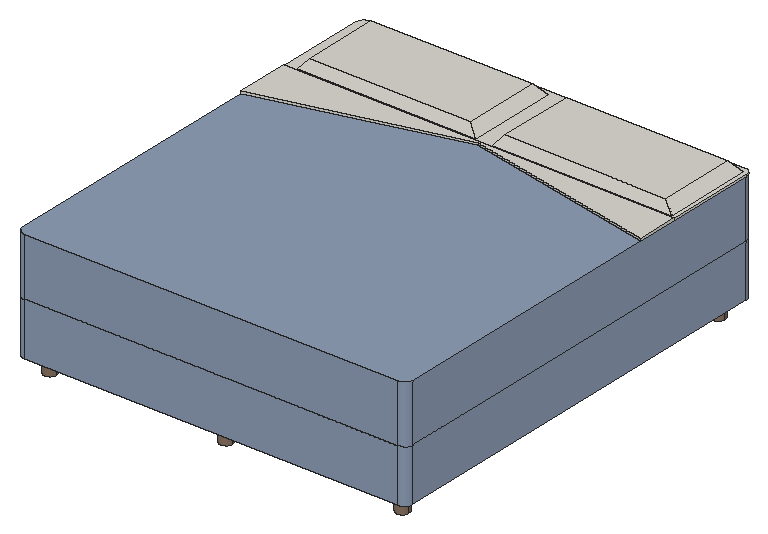
Revit family
Parameters (values of type "King")
  Width = 1830 mm
  Length = 2030 mm
  Height = 600 mm
  Feet = 80 mm
  Base = 250 mm
Types (4, lengths in mm): name | Width | Length
  (no name) | 1830 | 2030
  Double | 1370 | 1880
  King | 1830 | 2030
  Queen | 1520 | 2030
Reference planes
  plane 1 "Center (Front/Back)": y = 0
  plane 2: z = 0
  plane 3 "Center (Left/Right)": x = -22.674
  plane 4: y = -2030
  plane 5: x = -937.674
  plane 6: x = 892.326
  plane 7 "Base": z = 80
  plane 8 "Mattress": z = 330
  plane 9 "Top": z = 600
  plane 10: y = -1940
  plane 11: y = -90
  plane 12: x = -847.674
  plane 13: x = 802.326
  plane 14: y = -469.734
Forms (mm)
  Extrusion 1, solid, material "Fabric.Bed.Cover"
    sketch origin (0, 0, 80) x (0, -1, 0) y (1, 0, 0)
      loop
        line (2030, -897.674) -> (2030, 852.326)
        arc (2030, 852.326) -> (2018.284, 880.61) -> (1990, 892.326) r 40
        line (1990, 892.326) -> (40, 892.326)
        arc (40, 892.326) -> (11.716, 880.61) -> (0, 852.326) r 40
        line (0, 852.326) -> (0, -897.674)
        arc (0, -897.674) -> (11.716, -925.958) -> (40, -937.674) r 40
        line (40, -937.674) -> (1990, -937.674)
        arc (1990, -937.674) -> (2018.284, -925.958) -> (2030, -897.674) r 40
    from 0 to 250
  Extrusion 2, solid, material "Fabric.Bed.Cover"
    sketch origin (0, 0, 330) x (0, -1, 0) y (1, 0, 0)
      loop
        arc (0, -897.674) -> (11.716, -925.958) -> (40, -937.674) r 40
        line (40, -937.674) -> (1990, -937.674)
        arc (1990, -937.674) -> (2018.284, -925.958) -> (2030, -897.674) r 40
        line (2030, -897.674) -> (2030, 852.326)
        arc (2030, 852.326) -> (2018.284, 880.61) -> (1990, 892.326) r 40
        line (1990, 892.326) -> (40, 892.326)
        arc (40, 892.326) -> (11.716, 880.61) -> (0, 852.326) r 40
        line (0, 852.326) -> (0, -897.674)
    from 0 to 270
  Extrusion 3, solid, material "Wood.Teak"
    sketch origin (0, 0, 0) x (1, 0, 0) y (0, 1, 0)
      loop
        circle (-847.674, -90) r 30
      loop
        circle (802.326, -90) r 30
      loop
        circle (-847.674, -1940) r 30
      loop
        circle (802.326, -1940) r 30
    from 0 to 80
  Extrusion 4, solid, material "Fabric.Bed.Linen"
    sketch origin (0, 0, 600) x (0, -1, 0) y (1, 0, 0)
      loop
        line (460, -937.674) -> (709.328, -937.674) -> (469.734, -22.674) -> (657.678, 892.326) -> (460, 892.326) -> (460, -937.674)
    from 0 to 10
  Extrusion 5, solid, material "Fabric.Bed.Linen"
    sketch origin (0, 0, 600) x (0, -1, 0) y (1, 0, 0)
      loop
        line (460, -937.674) -> (460, 892.326) -> (40, 892.326)
        arc (40, 892.326) -> (11.716, 880.61) -> (0, 852.326) r 40
        line (0, 852.326) -> (0, -897.674)
        arc (0, -897.674) -> (11.716, -925.958) -> (40, -937.674) r 40
        line (40, -937.674) -> (460, -937.674)
    from 0 to 5
  Blend 6, solid, material "Fabric.Bed.Linen"
    base sketch origin (0, 0, 600) x (0, -1, 0) y (1, 0, 0)
      loop
        line (446.212, -882.542) -> (446.212, -47.542) -> (26.212, -47.542) -> (26.212, -882.542) -> (446.212, -882.542)
    top sketch origin (0, 0, 600) x (0, -1, 0) y (1, 0, 0)
      loop
        line (60, -847.674) -> (420, -847.674) -> (420, -92.674) -> (60, -92.674) -> (60, -847.674)
    from 5 to 50
  Extrusion 7, solid, material "Wood.Teak"
    sketch origin (0, 0, 0) x (1, 0, 0) y (0, 1, 0)
      loop
        circle (-22.674, -1940) r 30
      loop
        circle (-22.674, -90) r 30
    from 0 to 80
  Blend 8, solid, material "Fabric.Bed.Linen"
    base sketch origin (1000, 0, 600) x (0, -1, 0) y (1, 0, 0)
      loop
        line (446.212, -967.542) -> (446.212, -132.542) -> (26.212, -132.542) -> (26.212, -967.542) -> (446.212, -967.542)
    top sketch origin (1000, 0, 600) x (0, -1, 0) y (1, 0, 0)
      loop
        line (60, -932.674) -> (420, -932.674) -> (420, -177.674) -> (60, -177.674) -> (60, -932.674)
    from 5 to 50
Lines and regions (mm)
  model lines
    curve 1: line (-882.542, -446.212, 600) -> (837.458, -446.212, 600)
    curve 2: line (-882.542, -26.212, 600) -> (-882.542, -446.212, 600)
    curve 3: line (837.458, -26.212, 600) -> (-882.542, -26.212, 600)
  symbolic lines
    curve 4: line (-882.542, -446.212, 0) -> (-47.542, -446.212, 0)
    curve 5: line (-882.542, -26.212, 0) -> (-882.542, -446.212, 0)
    curve 6: line (-47.542, -26.212, 0) -> (-882.542, -26.212, 0)
    curve 7: line (-47.542, -446.212, 0) -> (-47.542, -26.212, 0)
    curve 8: line (32.458, -26.212, 0) -> (867.458, -26.212, 0)
    curve 9: line (32.458, -446.212, 0) -> (32.458, -26.212, 0)
    curve 10: line (867.458, -446.212, 0) -> (32.458, -446.212, 0)
    curve 11: line (867.458, -26.212, 0) -> (867.458, -446.212, 0)
    curve 12: line (-882.542, -26.212, 0) -> (-847.674, -60, 0)
    curve 13: line (-882.542, -446.212, 0) -> (-847.674, -420, 0)
    curve 14: line (-47.542, -446.212, 0) -> (-92.674, -420, 0)
    curve 15: line (-47.542, -26.212, 0) -> (-92.488, -60, 0)
    curve 16: line (867.458, -26.212, 0) -> (822.326, -60, 0)
    curve 17: line (867.458, -446.212, 0) -> (822.326, -420, 0)
    curve 18: line (32.458, -446.212, 0) -> (67.326, -420, 0)
    curve 19: line (32.458, -26.212, 0) -> (67.326, -60, 0)
Dimensions and locks
  equal spacing: plane 5, plane 3 "Center (Left/Right)", plane 6
  "Length": plane 4 to plane 1 "Center (Front/Back)"
  "Width": plane 5 to plane 6
  "Feet": plane 7 "Base" to plane 2
  "Base": plane 8 "Mattress" to plane 7 "Base"
  "Height": plane 9 "Top" to plane 2
  locked: plane 1 "Center (Front/Back)" to plane 11 at 90
  locked: plane 4 to plane 10 at 90
  locked: plane 5 to plane 12 at 90
  locked: plane 13 to plane 6 at 90
  Blend 6 to plane 3 "Center (Left/Right)" to Blend 8 = 24.868 mm locked, 55.132 mm locked
Automatic sketch dimensions
  Extrusion 1 sketch curve to plane 1 "Center (Front/Back)" = 0 mm
  Extrusion 1 sketch curve to plane 6 = 0 mm
  Extrusion 1 sketch curve to plane 5 = 0 mm
  Extrusion 1 sketch curve to plane 4 = 0 mm
  plane 1 "Center (Front/Back)" to Extrusion 1 sketch curve = 40 mm  (x2)
  Extrusion 1 sketch curve to Extrusion 1 sketch curve = 40 mm
  Extrusion 1 sketch curve to plane 4 = 40 mm
  plane 1 "Center (Front/Back)" to Extrusion 2 sketch curve = 40 mm
  Extrusion 2 sketch curve to plane 1 "Center (Front/Back)" = 0 mm
  plane 6 to Extrusion 2 sketch curve = 40 mm
  Extrusion 2 sketch curve to plane 6 = 0 mm
  Extrusion 2 sketch curve to plane 4 = 40 mm  (x2)
  Extrusion 2 sketch curve to plane 5 = 0 mm
  Extrusion 2 sketch curve to plane 4 = 0 mm
  Extrusion 3 sketch curve to plane 10 = 0 mm  (x2)
  Extrusion 3 sketch curve to plane 12 = 0 mm  (x2)
  Extrusion 3 sketch curve to plane 11 = 0 mm  (x2)
  Extrusion 3 sketch curve to plane 13 = 0 mm  (x2)
  Extrusion 5 sketch curve to plane 1 "Center (Front/Back)" = 0 mm
  Extrusion 5 sketch curve to plane 5 = 0 mm
  Extrusion 5 sketch curve to plane 6 = 0 mm
  plane 1 "Center (Front/Back)" to Extrusion 5 sketch curve = 40 mm  (x2)
  Extrusion 5 sketch curve to plane 11 = 370 mm
  Extrusion 7 sketch curve to plane 3 "Center (Left/Right)" = 0 mm  (x2)
  Extrusion 7 sketch curve to plane 10 = 0 mm
  Extrusion 7 sketch curve to plane 11 = 0 mm
  Extrusion 4 sketch curve to plane 5 = 0 mm
  Extrusion 4 sketch curve to plane 6 = 0 mm
  Extrusion 4 sketch curve to plane 3 "Center (Left/Right)" = 0 mm
  Extrusion 4 sketch curve to plane 14 = 0 mm
  Extrusion 4 sketch curve to plane 14 = 9.734 mm
  plane 14 to Extrusion 4 sketch curve = 187.943 mm
  plane 14 to Extrusion 4 sketch curve = 239.594 mm
  plane 1 "Center (Front/Back)" to Blend 6 sketch curve = 26.212 mm
  Blend 6 sketch curve to plane 3 "Center (Left/Right)" = 24.868 mm
  Blend 6 sketch curve to plane 11 = 356.212 mm
  Blend 6 sketch curve to plane 12 = 34.868 mm
  Blend 6 sketch curve to plane 12 = 0 mm
  plane 11 to Blend 6 sketch curve = 30 mm
  Blend 6 sketch curve to plane 3 "Center (Left/Right)" = 70 mm
  Blend 6 sketch curve to plane 11 = 330 mm
  plane 1 "Center (Front/Back)" to Blend 8 sketch curve = 26.212 mm
  plane 6 to Blend 8 sketch curve = 24.868 mm
  Blend 8 sketch curve to plane 11 = 356.212 mm
  plane 3 "Center (Left/Right)" to Blend 8 sketch curve = 55.132 mm
  plane 11 to Blend 8 sketch curve = 30 mm
  plane 13 to Blend 8 sketch curve = 20 mm
  Blend 8 sketch curve to plane 11 = 330 mm
  plane 3 "Center (Left/Right)" to Blend 8 sketch curve = 90 mm
  curve 12 to plane 12 = 0 mm
  curve 13 to plane 12 = 0 mm
  curve 5 to plane 12 = 34.868 mm
  curve 3 to curve 5 = 0 mm  (x2)
  curve 14 to plane 3 "Center (Left/Right)" = 70 mm
  plane 11 to curve 15 = 30 mm
  curve 15 to plane 3 "Center (Left/Right)" = 69.814 mm
  curve 7 to plane 3 "Center (Left/Right)" = 24.868 mm
  plane 3 "Center (Left/Right)" to curve 10 = 55.132 mm
  plane 11 to curve 19 = 30 mm
  curve 9 to curve 19 = 34.868 mm
  curve 9 to curve 18 = 34.868 mm
  plane 13 to curve 17 = 20 mm
  plane 13 to curve 16 = 20 mm
  plane 6 to curve 16 = 24.868 mm
  curve 18 to plane 11 = 330 mm
  curve 14 to curve 18 = 0 mm
  curve 17 to plane 11 = 330 mm
  curve 13 to plane 11 = 330 mm
  curve 9 to curve 18 = 26.212 mm
  curve 7 to curve 14 = 26.212 mm
  plane 11 to curve 16 = 30 mm
  plane 11 to curve 12 = 30 mm
  plane 1 "Center (Front/Back)" to curve 12 = 26.212 mm
  plane 1 "Center (Front/Back)" to curve 11 = 26.212 mm
  curve 3 to curve 8 = 30 mm
  curve 1 to curve 10 = 30 mm
  curve 1 to curve 10 = 0 mm
  radius of Extrusion 3 sketch curve = 30 mm  (x4)
  radius of Extrusion 7 sketch curve = 30 mm  (x2)
